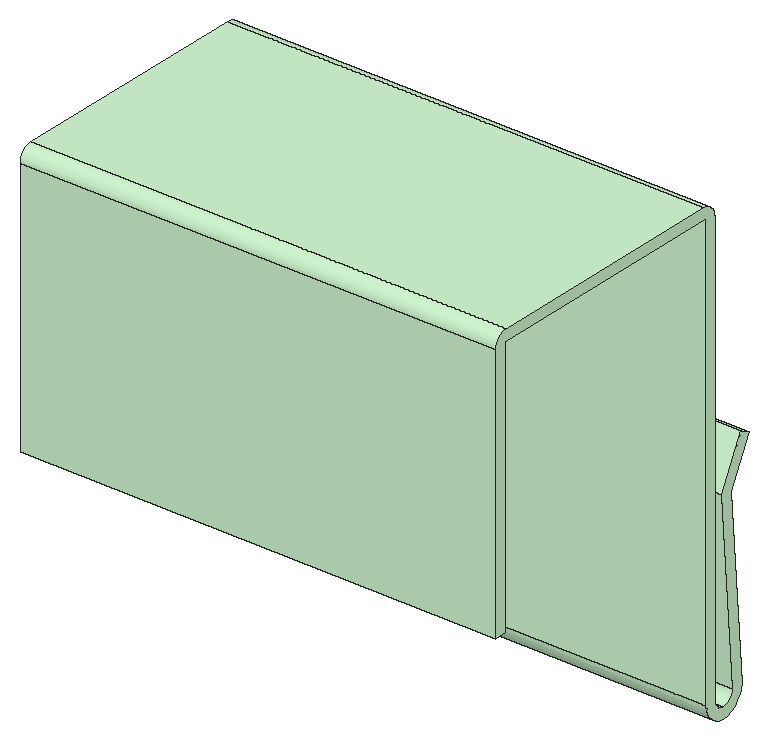
Revit family "sqspacer_w20", category 機械設備, Revit 2022
Family settings
  丸型コネクタ寸法 = 直径を使用
  種別 = なし
  パーツ タイプ = 標準
  作業面ベース = いいえ
  常に垂直 = はい
  ロード時にボイドで切り取り = いいえ
  注釈の向きを維持 = いいえ
  共有 = いいえ
  部屋計算ポイント = いいえ
Parameters
  製造元 = "株式会社桐井製作所"
  既定の高さ = 0 mm
  URL = "https://www.kirii.co.jp/"
  K_材質 = "溶融亜鉛めっき鋼板"
  K_品名 = "SQ-スペーサーW20"
  K_名称 = "SQ-BAR関連部材"
  K_入数 = "500"
  K_バージョン情報 = "20210524"
Reference planes
  plane 1 "中心(正面/背面)": y = 0
  plane 2: z = 0
  plane 3 "中心(左/右)": x = 0
Forms (mm)
  Extrusion 1, solid
    sketch origin (-17.5, 0, 0) x (0, 1, 0) y (0, 0, 1)
      loop
        line (-1.685, 34.5) -> (-19.785, 34.5)
        arc (-19.785, 34.5) -> (-20.494, 34.206) -> (-20.785, 33.496) r 1
        line (-20.785, 33.496) -> (-20.785, 14.5) -> (-19.985, 14.5) -> (-19.985, 33.7) -> (-1.485, 33.7) -> (-1.485, 1.6)
        arc (-1.485, 1.6) -> (-0.957, 0.494) -> (0.165, 0) r 1.763
        arc (0.165, 0) -> (1.286, 0.494) -> (1.815, 1.6) r 1.763
        line (1.815, 1.6) -> (0.815, 14.7) -> (2.436, 17.942) -> (1.72, 18.3) -> (0, 14.86) -> (1.013, 1.588)
        arc (1.013, 1.588) -> (0.733, 1.039) -> (0.165, 0.8) r 0.897
        arc (0.165, 0.8) -> (-0.408, 1.043) -> (-0.685, 1.6) r 0.897
        line (-0.685, 1.6) -> (-0.685, 33.5)
        arc (-0.685, 33.5) -> (-0.978, 34.207) -> (-1.685, 34.5) r 1
    from 0 to 35
Dimensions and locks
  aligned and locked: level to plane 2
